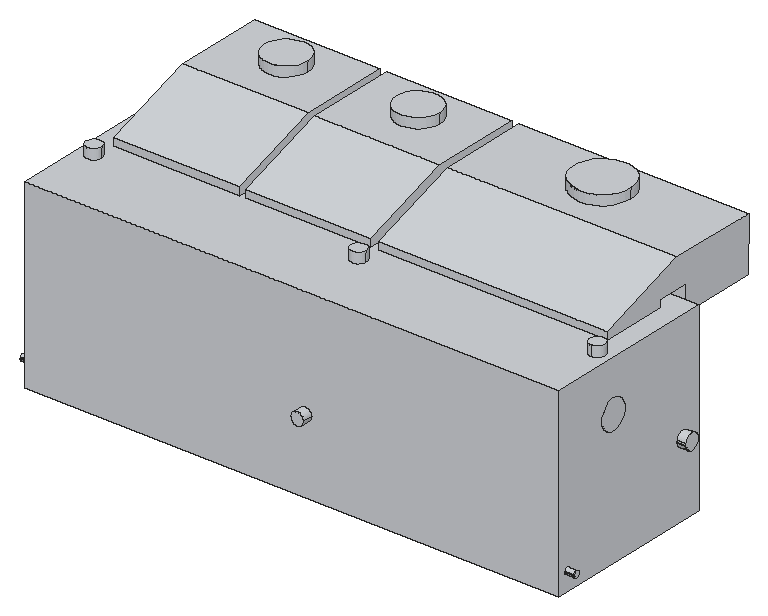
Revit family "M_Caldeira a gás - Ferro fundido - 347 kW", category Equipamento mecânico, Revit 2019
Family settings
  Cota do conector redondo = Usar raio
  Tipo de parte = Normal
  Número OmniClass = 23.75.10.11.14.11
  Título OmniClass = Cast-Iron Boilers
  ID de item do Seek = Gas Fired Boiler - Cast Iron - 347 kW-0000-CAN-ENU
  Com base no plano de trabalho = Não
  Sempre na vertical = Sim
  Corte com vazios quando carregada = Não
  Compartilhado = Não
  Ponto de cálculo do ambiente = Não
Parameters (values of type "347 kW")
  Fluxo da água [instance] = 0.58 L/s
  Raio da ventilação 3 = 150 mm
  Raio da ventilação 2 = 112.5 mm
  Raio da ventilação 1 = 112.5 mm
  Comprimento da ventilação 3 = 710 mm
  Comprimento da ventilação 2 = 965 mm
  Comprimento da ventilação 1 = 690 mm
  Diâmetro da ventilação 3 = Raio da ventilação 3 * 2  # 300 mm
  Diâmetro da ventilação 1 = Raio da ventilação 1 * 2  # 225 mm
  Diâmetro da ventilação 2 = Raio da ventilação 2 * 2  # 225 mm
  Aumento de temperatura [instance] = 15.56 °C
  Comprimento de fornecimento 2 = 1250 mm
  Comprimento de fornecimento 1 = 1385 mm
  Queda de pressão da água [instance] = 328000.0 Pa
  Calor de saída [instance] = 347000 W
  Calor de entrada [instance] = 419000 W
  Raio do gás = 16 mm
  Fluxo de gás [instance] = 0.06 L/s
  Diâmetro do gás = Raio do gás * 2  # 32 mm
  Raio da água quente = 40 mm
  Diâmetro da água quente = Raio da água quente * 2  # 80 mm
  Fluxo do ar de exaustão [instance] = 0.0 L/s
  Raio da água gelada = 40 mm
  Diâmetro da água gelada = Raio da água gelada * 2  # 80 mm
  Comprimento do exaustor 3 = 1200 mm
  Comprimento do exaustor 2 = 655 mm
  Comprimento do exaustor 1 = 655 mm
  Material do boiler = none
  Comprimento da caldeira = 2795 mm
  BHP [instance] = 34.97
  Raio da água quente 1 = 40 mm
  Diâmetro da água quente 1 = Raio da água quente 1 * 2  # 80 mm
  Raio da água gelada 1 = 32.5 mm
  Diâmetro da água gelada 1 = Raio da água gelada 1 * 2  # 65 mm
Reference planes
  plane 1 "Centro (Frente/Trás)": y = 0
  plane 2: z = 0
  plane 3 "Centro (Esquerda/Direita)": x = 0
  plane 4: x = 2795
  plane 5: y = 914.4
  plane 6: z = 965.2
  plane 7: z = 101.6
  plane 8: y = 50.8
  plane 9: x = -50.8
  plane 10: y = 808.037
  plane 11: z = 390.525
  plane 12: x = 82.55
  plane 13: y = 349.25
  plane 14: z = 1016
  plane 15: x = 1467.55
  plane 16: x = 2085
  plane 17: z = 698.5
  plane 18: y = 355.6
  plane 19: y = 1376.362
  plane 20: z = 868.362
  plane 21: z = 1154.113
  plane 22: y = 965.2
  plane 23: y = 798.512
  plane 24: y = 457.2
  plane 25: z = 1003.3
  plane 26: y = 908.05
  plane 27: y = 1173.162
  plane 28: z = 1204.912
  plane 29: x = 2845.8
  plane 30: x = 2717.55
  plane 31: y = -50.8
  plane 32: x = 1485
  plane 33: x = 2685
  plane 34: x = 792.5
  plane 35: x = 1120
  plane 36: x = 1447.5
  plane 37: x = 102.5
  plane 38: x = 430
  plane 39: x = 757.5
Forms (mm)
  Extrusion 1, solid, material <- "Material do boiler"
    sketch origin (0, 0, 0) x (1, 0, 0) y (0, 1, 0)
      loop
        line (0, 914.4) -> (0, 0) -> (2795, 0) -> (2795, 914.4) -> (0, 914.4)
    from 0 to 965.2
  Extrusion 2, solid, material <- "Material do boiler"
    sketch origin (0, 0, 0) x (0, 1, 0) y (0, 0, 1)
      loop
        circle (50.8, 101.6) r 16
    from 0 to -50.8
  Extrusion 3, solid, material <- "Material do boiler"
    sketch origin (0, 0, 0) x (0, 1, 0) y (0, 0, 1)
      loop
        circle (808.037, 390.525) r 40
    from 0 to -50.8
  Extrusion 4, solid, material <- "Material do boiler"
    sketch origin (0, 0, 0) x (1, 0, 0) y (0, 1, 0)
      loop
        circle (82.55, 349.25) r 40
    from 965.2 to 1016
  Extrusion 5, solid, material <- "Material do boiler"
    sketch origin (0, 0, 0) x (1, 0, 0) y (0, 1, 0)
      loop
        circle (1467.55, 349.25) r 40
    from 965.2 to 1016
  Extrusion 6, solid, material <- "Material do boiler"
    sketch origin (0, 0, 0) x (0, 1, 0) y (0, 0, 1)
      loop
        circle (355.6, 698.5) r 76.2
    from 0 to 2085
  Extrusion 7, solid, material <- "Material do boiler", detail levels fine
    sketch origin (0, 0, 0) x (0, 1, 0) y (0, 0, 1)
      loop
        line (457.2, 965.2) -> (798.512, 965.2) -> (798.512, 1003.3) -> (965.2, 1003.3) -> (965.2, 868.363) -> (1376.362, 868.363) -> (1376.362, 1154.113) -> (908.05, 1154.113) -> (457.2, 1003.3) -> (457.2, 965.2)
    from 1485 to 2685
  Extrusion 8, solid, material <- "Material do boiler"
    sketch origin (0, 0, 0) x (1, 0, 0) y (0, 1, 0)
      loop
        circle (2085, 1173.162) r 150
    from 1154.113 to 1204.913
  Extrusion 9, solid, material <- "Material do boiler"
    sketch origin (863.6, 0, 0) x (0, 1, 0) y (0, 0, -1)
      loop
        circle (808.037, -390.525) r 40
    from -1931.4 to -1982.2
  Extrusion 10, solid, material <- "Material do boiler"
    sketch origin (1136.65, 0, 0) x (0, 1, 0) y (0, 0, -1)
      loop
        circle (355.6, -698.5) r 76.2
    from -1658.35 to -948.35
  Extrusion 11, solid, material <- "Material do boiler"
    sketch origin (0, 0, 0) x (1, 0, 0) y (0, 0, 1)
      loop
        circle (1467.55, 390.525) r 32.5
    from 0 to 50.8
  Extrusion 12, solid, material <- "Material do boiler"
    sketch origin (0, 1465.263, 101.6) x (0, 1, 0) y (-1, 0, 0)
      loop
        circle (-1116.013, -2717.55) r 40
    from 863.6 to 914.4
  Extrusion 13, solid, material <- "Material do boiler"
    sketch origin (2143.72, 0, 0) x (0, 1, 0) y (0, 0, -1)
      loop
        circle (50.8, -101.6) r 16
    from -651.28 to -702.08
  Extrusion 14, solid, material <- "Material do boiler", detail levels fine
    sketch origin (2933.7, 0, 0) x (0, 1, 0) y (0, 0, -1)
      loop
        line (457.2, -965.2) -> (457.2, -1003.3) -> (908.05, -1154.113) -> (1376.362, -1154.113) -> (1376.362, -868.363) -> (965.2, -868.363) -> (965.2, -1003.3) -> (798.512, -1003.3) -> (798.512, -965.2) -> (457.2, -965.2)
    from 1486.2 to 2141.2
  Extrusion 15, solid, material <- "Material do boiler"
    sketch origin (2933.7, 0, 0) x (-1, 0, 0) y (0, -1, 0)
      loop
        circle (1813.7, -1173.162) r 112.5
    from 1154.113 to 1204.913
  Extrusion 16, solid, material <- "Material do boiler", detail levels fine
    sketch origin (-1421.11, 0, 0) x (0, 1, 0) y (0, 0, 1)
      loop
        line (457.2, 965.2) -> (798.512, 965.2) -> (798.512, 1003.3) -> (965.2, 1003.3) -> (965.2, 868.363) -> (1376.362, 868.363) -> (1376.362, 1154.113) -> (908.05, 1154.113) -> (457.2, 1003.3) -> (457.2, 965.2)
    from 1523.61 to 2178.61
  Extrusion 17, solid, material <- "Material do boiler"
    sketch origin (-1421.11, 0, 0) x (1, 0, 0) y (0, 1, 0)
      loop
        circle (1851.11, 1173.162) r 112.5
    from 1154.113 to 1204.913
  Extrusion 18, solid, material <- "Material do boiler", detail levels coarse+medium
    sketch origin (0, 1465.263, 101.6) x (0, 1, 0) y (-1, 0, 0)
      loop
        line (-88.901, -102.5) -> (-550.863, -102.5) -> (-550.863, -2685) -> (-88.901, -2685) -> (-88.901, -102.5)
    from 766.763 to 1052.512
  Extrusion 19, solid, material <- "Material do boiler", detail levels coarse+medium
    sketch origin (0, 1465.263, 101.6) x (0, 1, 0) y (-1, 0, 0)
      loop
        line (-550.863, -102.5) -> (-1008.063, -102.5) -> (-1008.063, -2685) -> (-550.863, -2685) -> (-550.863, -102.5)
    from 863.6 to 1052.512
  Extrusion 20, solid, material <- "Material do boiler", detail levels fine
    sketch origin (0, 0, 0) x (1, 0, 0) y (0, 0, 1)
      loop
        circle (1467.55, 390.525) r 32.5
    from 0 to 50.8
  Extrusion 21, solid, material <- "Material do boiler", detail levels fine
    sketch origin (2717.55, 0, 0) x (0, 1, 0) y (0, 0, 1)
      loop
        circle (50.8, 101.6) r 16
    from -2768.35 to -2717.55
  Extrusion 22, solid, material <- "Material do boiler", detail levels fine
    sketch origin (2717.55, 0, 0) x (0, 1, 0) y (0, 0, 1)
      loop
        circle (808.037, 390.525) r 40
    from -2768.35 to -2717.55
  Extrusion 23, solid, material <- "Material do boiler", detail levels fine
    sketch origin (0, 0, 0) x (0, 1, 0) y (0, 0, 1)
      loop
        circle (808.037, 390.525) r 40
      loop
        circle (50.8, 101.6) r 16
    from 2795 to 2845.8
Cuts and joins
  joined: Extrusion 7, Extrusion 14, Extrusion 16
  joined: Extrusion 1, Extrusion 4, Extrusion 5, Extrusion 8, Extrusion 12, Extrusion 15, Extrusion 17
  joined: Extrusion 2, Extrusion 3, Extrusion 9, Extrusion 11, Extrusion 13
  joined: Extrusion 18, Extrusion 19
Lines and regions (mm)
  model lines, detail levels coarse+medium
    curve 1: line (0, 50.8, 101.6) -> (-50.8, 50.8, 101.6)
    curve 2: line (0, 808.037, 390.525) -> (-50.8, 808.037, 390.525)
    curve 3: line (2845.8, 808.037, 390.525) -> (2795, 808.037, 390.525)
    curve 5: line (2795, 50.8, 101.6) -> (2845.8, 50.8, 101.6)
    curve 6: line (1467.55, 0, 391.437) -> (1467.55, -50.8, 391.437)
  model lines, detail levels coarse
    curve 4: line (2085, 1173.162, 1154.112) -> (2085, 1173.162, 1204.912)
    curve 7: line (1120, 1173.162, 1154.112) -> (1120, 1173.162, 1204.912)
    curve 8: line (430, 1173.162, 1154.112) -> (430, 1173.162, 1204.912)
  symbolic lines, detail levels fine
    curve 9: line (0, 846.137, 101.6) -> (-50.8, 846.137, 101.6)
    curve 10: line (-50.8, 769.937, 101.6) -> (0, 769.937, 101.6)
    curve 11: line (-50.8, 846.137, 101.6) -> (-50.8, 769.937, 101.6)
    curve 12: line (0, 66.675, 101.6) -> (-50.8, 66.675, 101.6)
    curve 13: line (0, 34.925, 101.6) -> (-50.8, 34.925, 101.6)
    curve 14: line (-50.8, 66.675, 101.6) -> (-50.8, 34.925, 101.6)
    curve 15: line (1434.155, 0, 101.6) -> (1434.155, -50.8, 101.6)
    curve 16: line (1500.875, 0, 101.6) -> (1500.875, -50.8, 101.6)
    curve 17: line (1434.155, -50.8, 101.6) -> (1500.875, -50.8, 101.6)
    curve 18: line (2795, 66.675, 101.6) -> (2845.8, 66.675, 101.6)
    curve 19: line (2845.8, 34.925, 101.6) -> (2795, 34.925, 101.6)
    curve 20: line (2845.8, 66.675, 101.6) -> (2845.8, 34.925, 101.6)
    curve 21: line (2795, 846.137, 101.6) -> (2845.8, 846.137, 101.6)
    curve 22: line (2795, 769.937, 101.6) -> (2845.8, 769.937, 101.6)
    curve 23: line (2845.8, 846.137, 101.6) -> (2845.8, 769.937, 101.6)
Dimensions and locks
  locked: plane 6 to plane 2 at 965.2
  locked: plane 5 to plane 1 "Centro (Frente/Trás)" at 914.4
  "Comprimento da caldeira": plane 4 to plane 3 "Centro (Esquerda/Direita)"
  locked: plane 7 to plane 2 at 101.6
  locked: plane 8 to plane 1 "Centro (Frente/Trás)" at 50.8
  locked: plane 3 "Centro (Esquerda/Direita)" to plane 9 at 50.8
  locked: plane 5 to plane 10 at 106.363
  locked: plane 11 to plane 2 at 390.525
  locked: plane 12 to plane 3 "Centro (Esquerda/Direita)" at 82.55
  locked: plane 13 to plane 1 "Centro (Frente/Trás)" at 349.25
  locked: plane 14 to plane 6 at 50.8
  "Comprimento de fornecimento 1": plane 15 to plane 12
  "Comprimento da ventilação 3": plane 4 to plane 16
  locked: plane 17 to plane 2 at 698.5
  locked: plane 18 to plane 1 "Centro (Frente/Trás)" at 355.6
  locked: plane 19 to plane 1 "Centro (Frente/Trás)" at 1376.363
  locked: plane 20 to plane 2 at 868.362
  locked: plane 21 to plane 20 at 285.75
  locked: plane 19 to plane 22 at 411.162
  locked: plane 22 to plane 23 at 166.688
  locked: plane 23 to plane 24 at 341.312
  locked: plane 25 to plane 6 at 38.1
  locked: plane 26 to plane 24 at 450.85
  locked: plane 27 to plane 1 "Centro (Frente/Trás)" at 1173.162
  locked: plane 28 to plane 21 at 50.8
  locked: plane 29 to plane 4 at 50.8
  "Comprimento de fornecimento 2": plane 30 to plane 15
  locked: plane 1 "Centro (Frente/Trás)" to plane 31 at 50.8
  "Comprimento do exaustor 3": plane 33 to plane 32
  equal spacing: plane 33, plane 16, plane 32
  "Comprimento do exaustor 2": plane 36 to plane 34
  equal spacing: plane 36, plane 35, plane 34
  "Comprimento da ventilação 2": plane 16 to plane 35
  "Comprimento do exaustor 1": plane 39 to plane 37
  equal spacing: plane 39, plane 38, plane 37
  "Comprimento da ventilação 1": plane 35 to plane 38
  "Raio do gás": radius of Extrusion 2 sketch curve
  "Raio da água gelada": radius of Extrusion 3 sketch curve
  "Raio da água quente": radius of Extrusion 4 sketch curve
  "Raio da água quente 1": radius of Extrusion 5 sketch curve
  radius of Extrusion 6 sketch curve = 76.2 mm
  "Raio da ventilação 3": radius of Extrusion 8 sketch curve
  "Raio da água gelada": radius of Extrusion 9 sketch curve
  radius of Extrusion 10 sketch curve = 76.2 mm
  "Raio da água gelada 1": radius of Extrusion 11 sketch curve
  "Raio da água quente": radius of Extrusion 12 sketch curve
  "Raio do gás": radius of Extrusion 13 sketch curve
  "Raio da ventilação 2": radius of Extrusion 15 sketch curve
  "Raio da ventilação 1": radius of Extrusion 17 sketch curve
  "Raio da água gelada 1": radius of Extrusion 20 sketch curve
  "Raio do gás": radius of Extrusion 21 sketch curve
  "Raio da água gelada": radius of Extrusion 22 sketch curve
  "Raio do gás": radius of Extrusion 23 sketch curve
  "Raio da água gelada": radius of Extrusion 23 sketch curve
  aligned and locked: Extrusion 1 to plane 5
  aligned and locked: plane 1 "Centro (Frente/Trás)" to Extrusion 1
  aligned and locked: Extrusion 1 to plane 3 "Centro (Esquerda/Direita)"
  aligned and locked: plane 4 to Extrusion 1
  aligned and locked: plane 6 to Extrusion 1
  aligned and locked: Extrusion 1 to plane 2
  aligned and locked: plane 8 to Extrusion 2 sketch curve
  aligned and locked: plane 7 to Extrusion 2 sketch curve
  aligned and locked: Extrusion 2 to plane 9
  aligned and locked: plane 3 "Centro (Esquerda/Direita)" to Extrusion 2
  aligned and locked: plane 10 to Extrusion 3 sketch curve
  aligned and locked: plane 11 to Extrusion 3 sketch curve
  aligned and locked: Extrusion 3 to plane 9
  aligned and locked: plane 3 "Centro (Esquerda/Direita)" to Extrusion 3
  aligned and locked: plane 13 to Extrusion 4 sketch curve
  aligned and locked: plane 12 to Extrusion 4 sketch curve
  aligned and locked: plane 14 to Extrusion 4
  aligned and locked: Extrusion 4 to plane 6
  aligned and locked: plane 15 to Extrusion 5 sketch curve
  aligned and locked: plane 13 to Extrusion 5 sketch curve
  aligned and locked: plane 14 to Extrusion 5
  aligned and locked: Extrusion 5 to plane 6
  aligned and locked: plane 18 to Extrusion 6 sketch curve
  aligned and locked: plane 17 to Extrusion 6 sketch curve
  aligned and locked: Extrusion 6 to plane 3 "Centro (Esquerda/Direita)"
  aligned and locked: plane 16 to Extrusion 6
  aligned and locked: plane 21 to Extrusion 7
  aligned and locked: Extrusion 7 to plane 19
  aligned and locked: Extrusion 7 to plane 20
  aligned and locked: plane 22 to Extrusion 7
  aligned and locked: Extrusion 7 to plane 25
  aligned and locked: Extrusion 7 to plane 23
  aligned and locked: Extrusion 7 to plane 6
  aligned and locked: plane 24 to Extrusion 7
  aligned and locked: plane 16 to Extrusion 8 sketch curve
  aligned and locked: plane 27 to Extrusion 8 sketch curve
  aligned and locked: plane 21 to Extrusion 8
  aligned and locked: plane 28 to Extrusion 8
  aligned and locked: plane 29 to Extrusion 9
  aligned and locked: Extrusion 9 to plane 4
  aligned and locked: plane 10 to Extrusion 9 sketch curve
  aligned and locked: plane 11 to Extrusion 9 sketch curve
  aligned and locked: Extrusion 10 to plane 16
  aligned and locked: plane 4 to Extrusion 10
  aligned and locked: plane 18 to Extrusion 10 sketch curve
  aligned and locked: plane 17 to Extrusion 10 sketch curve
  aligned and locked: plane 3 "Centro (Esquerda/Direita)" to curve 1
  aligned and locked: plane 9 to curve 1
  aligned and locked: plane 7 to curve 1
  aligned and locked: plane 3 "Centro (Esquerda/Direita)" to curve 2
  aligned and locked: plane 9 to curve 2
  aligned and locked: curve 2 to plane 10
  aligned and locked: plane 4 to curve 3
  aligned and locked: plane 29 to curve 3
  aligned and locked: curve 3 to plane 10
  aligned and locked: plane 28 to curve 4
  aligned and locked: plane 16 to curve 4
  aligned and locked: plane 15 to Extrusion 11 sketch curve
  aligned and locked: plane 11 to Extrusion 11 sketch curve
  aligned and locked: plane 31 to Extrusion 11
  aligned and locked: plane 30 to Extrusion 12 sketch curve
  aligned and locked: plane 13 to Extrusion 12 sketch curve
  aligned and locked: Extrusion 12 to plane 14
  aligned and locked: plane 6 to Extrusion 12
  aligned and locked: Extrusion 13 to plane 4
  aligned and locked: plane 29 to Extrusion 13
  aligned and locked: plane 7 to Extrusion 13 sketch curve
  aligned and locked: plane 8 to Extrusion 13 sketch curve
  aligned and locked: curve 6 to plane 15
  aligned and locked: plane 1 "Centro (Frente/Trás)" to curve 6
  aligned and locked: plane 31 to curve 6
  aligned and locked: plane 4 to curve 5
  aligned and locked: plane 29 to curve 5
  aligned and locked: plane 8 to curve 5
  aligned and locked: plane 33 to Extrusion 7
  aligned and locked: Extrusion 7 to plane 32
  aligned and locked: plane 36 to Extrusion 14
  aligned and locked: Extrusion 14 to plane 34
  aligned and locked: plane 35 to curve 7
  aligned and locked: plane 35 to Extrusion 15 sketch curve
  aligned and locked: plane 27 to Extrusion 15 sketch curve
  aligned and locked: plane 39 to Extrusion 16
  aligned and locked: Extrusion 16 to plane 37
  aligned and locked: plane 38 to curve 8
  aligned and locked: plane 38 to Extrusion 17 sketch curve
  aligned and locked: plane 27 to Extrusion 17 sketch curve
  aligned and locked: cut or joined group of Extrusion 2, Extrusion 3, Extrusion 9, Extrusion 11, Extrusion 13 to curve 9
  aligned and locked: curve 9 to cut or joined group of Extrusion 2, Extrusion 3, Extrusion 9, Extrusion 11, Extrusion 13
  aligned and locked: curve 10 to cut or joined group of Extrusion 2, Extrusion 3, Extrusion 9, Extrusion 11, Extrusion 13
  aligned and locked: cut or joined group of Extrusion 2, Extrusion 3, Extrusion 9, Extrusion 11, Extrusion 13 to curve 10
  aligned and locked: cut or joined group of Extrusion 2, Extrusion 3, Extrusion 9, Extrusion 11, Extrusion 13 to curve 12
  aligned and locked: curve 12 to cut or joined group of Extrusion 2, Extrusion 3, Extrusion 9, Extrusion 11, Extrusion 13
  aligned and locked: cut or joined group of Extrusion 2, Extrusion 3, Extrusion 9, Extrusion 11, Extrusion 13 to curve 13
  aligned and locked: curve 13 to cut or joined group of Extrusion 2, Extrusion 3, Extrusion 9, Extrusion 11, Extrusion 13
  aligned and locked: curve 15 to cut or joined group of Extrusion 2, Extrusion 3, Extrusion 9, Extrusion 11, Extrusion 13  (x2)
  aligned and locked: cut or joined group of Extrusion 2, Extrusion 3, Extrusion 9, Extrusion 11, Extrusion 13 to curve 16  (x2)
  aligned and locked: curve 18 to cut or joined group of Extrusion 2, Extrusion 3, Extrusion 9, Extrusion 11, Extrusion 13
  aligned and locked: cut or joined group of Extrusion 2, Extrusion 3, Extrusion 9, Extrusion 11, Extrusion 13 to curve 18
  aligned and locked: cut or joined group of Extrusion 2, Extrusion 3, Extrusion 9, Extrusion 11, Extrusion 13 to curve 19
  aligned and locked: curve 19 to cut or joined group of Extrusion 2, Extrusion 3, Extrusion 9, Extrusion 11, Extrusion 13
  aligned and locked: curve 21 to cut or joined group of Extrusion 2, Extrusion 3, Extrusion 9, Extrusion 11, Extrusion 13
  aligned and locked: cut or joined group of Extrusion 2, Extrusion 3, Extrusion 9, Extrusion 11, Extrusion 13 to curve 21
  aligned and locked: curve 22 to cut or joined group of Extrusion 2, Extrusion 3, Extrusion 9, Extrusion 11, Extrusion 13
  aligned and locked: cut or joined group of Extrusion 2, Extrusion 3, Extrusion 9, Extrusion 11, Extrusion 13 to curve 22
  aligned and locked: Extrusion 18 sketch curve to cut or joined group of Extrusion 7, Extrusion 14, Extrusion 16  (x2)
  aligned and locked: Extrusion 18 sketch curve to plane 33
  aligned and locked: Extrusion 18 sketch curve to plane 5
  aligned and locked: Extrusion 18 to curve 4
  aligned and locked: Extrusion 18 to cut or joined group of Extrusion 7, Extrusion 14, Extrusion 16
  aligned and locked: Extrusion 18 to Extrusion 19 sketch curve
  aligned and locked: Extrusion 19 sketch curve to Extrusion 18
  aligned and locked: Extrusion 19 sketch curve to cut or joined group of Extrusion 7, Extrusion 14, Extrusion 16  (x2)
  aligned and locked: Extrusion 19 to curve 4
  aligned and locked: Extrusion 19 to plane 6
  aligned and locked: plane 15 to Extrusion 20 sketch curve
  aligned and locked: plane 11 to Extrusion 20 sketch curve
  aligned and locked: Extrusion 20 to plane 1 "Centro (Frente/Trás)"
  aligned and locked: plane 31 to Extrusion 20
  aligned and locked: plane 8 to Extrusion 21 sketch curve
  aligned and locked: plane 7 to Extrusion 21 sketch curve
  aligned and locked: plane 10 to Extrusion 22 sketch curve
  aligned and locked: plane 11 to Extrusion 22 sketch curve
  aligned and locked: Extrusion 22 to plane 9
  aligned and locked: Extrusion 21 to plane 9
  aligned and locked: plane 3 "Centro (Esquerda/Direita)" to Extrusion 21
  aligned and locked: plane 3 "Centro (Esquerda/Direita)" to Extrusion 22
  aligned and locked: plane 10 to Extrusion 23 sketch curve
  aligned and locked: plane 11 to Extrusion 23 sketch curve
  aligned and locked: plane 8 to Extrusion 23 sketch curve
  aligned and locked: plane 7 to Extrusion 23 sketch curve
  aligned and locked: plane 29 to Extrusion 23
  aligned and locked: Extrusion 23 to plane 4
Automatic sketch dimensions
  Extrusion 1 sketch curve to plane 1 "Centro (Frente/Trás)" = 0 mm
  Extrusion 1 sketch curve to plane 3 "Centro (Esquerda/Direita)" = 0 mm
  Extrusion 1 sketch curve to plane 4 = 0 mm
  Extrusion 1 sketch curve to plane 5 = 0 mm
  Extrusion 7 sketch curve to plane 6 = 0 mm
  Extrusion 7 sketch curve to plane 24 = 0 mm
  Extrusion 7 sketch curve to plane 23 = 0 mm
  Extrusion 7 sketch curve to plane 21 = 0 mm
  Extrusion 7 sketch curve to plane 26 = 0 mm
  Extrusion 7 sketch curve to plane 20 = 0 mm
  Extrusion 7 sketch curve to plane 22 = 0 mm
  Extrusion 7 sketch curve to plane 19 = 0 mm
  Extrusion 7 sketch curve to plane 25 = 0 mm  (x2)
  curve 5 to plane 4 = 0 mm
  curve 5 to plane 7 = 0 mm
  curve 5 to plane 29 = 0 mm
  curve 2 to plane 3 "Centro (Esquerda/Direita)" = 0 mm
  curve 2 to plane 9 = 0 mm
  curve 8 to plane 21 = 0 mm
  curve 8 to plane 28 = 0 mm
  curve 7 to plane 21 = 0 mm
  curve 4 to plane 21 = 0 mm
  curve 7 to plane 28 = 0 mm
  curve 6 to plane 31 = 0 mm
  curve 6 to plane 1 "Centro (Frente/Trás)" = 0 mm
  plane 11 to curve 6 = 0.912 mm
  Extrusion 14 sketch curve to plane 6 = 0 mm
  Extrusion 14 sketch curve to plane 24 = 0 mm
  Extrusion 14 sketch curve to plane 23 = 0 mm
  Extrusion 14 sketch curve to plane 21 = 0 mm
  Extrusion 14 sketch curve to plane 26 = 0 mm
  Extrusion 14 sketch curve to plane 20 = 0 mm
  Extrusion 14 sketch curve to plane 22 = 0 mm
  Extrusion 14 sketch curve to plane 19 = 0 mm
  Extrusion 14 sketch curve to plane 25 = 0 mm  (x2)
  Extrusion 16 sketch curve to plane 6 = 0 mm
  Extrusion 16 sketch curve to plane 24 = 0 mm
  Extrusion 16 sketch curve to plane 23 = 0 mm
  Extrusion 16 sketch curve to plane 21 = 0 mm
  Extrusion 16 sketch curve to plane 26 = 0 mm
  Extrusion 16 sketch curve to plane 20 = 0 mm
  Extrusion 16 sketch curve to plane 22 = 0 mm
  Extrusion 16 sketch curve to plane 19 = 0 mm
  Extrusion 16 sketch curve to plane 25 = 0 mm  (x2)
  plane 8 to curve 20 = 15.875 mm
  plane 8 to curve 13 = 15.875 mm
  curve 12 to plane 8 = 15.875 mm
  curve 20 to plane 8 = 15.875 mm
  plane 23 to curve 10 = 28.575 mm
  plane 23 to curve 22 = 28.575 mm
  curve 21 to plane 10 = 38.1 mm
  curve 11 to plane 10 = 38.1 mm
  plane 32 to curve 17 = 15.875 mm
  curve 17 to plane 36 = 13.345 mm
Connectors
  piping at (82.55, 349.25, 1016), diameter 80, driven by "Fluxo da água", driven by "Queda de pressão da água", driven by "Raio da água quente"
    settings: on Extrusion 4, index 1, connector inside diameter 80 mm, connector length 0 mm, flow factor 0, pipe flow 0.58 L/s, pressure drop 328000.0 Pa, fitting loss kfactor 0, connector angle 0.00°, fixture units 0, engagement length 0 mm, angle of deflection 0.00°, flow configuration 0, flow direction 2, fitting loss method 4, system type 7, joint type 0, gender type 0, connector reference index -1, connector utility 0, adjustable connector no, is connector primary yes, connector description "Saída de água quente"
  piping at (1467.55, 349.25, 1016), diameter 80, driven by "Fluxo da água", driven by "Queda de pressão da água", driven by "Raio da água quente 1"
    settings: on Extrusion 5, index 2, connector inside diameter 80 mm, connector length 0 mm, flow factor 0, pipe flow 0.58 L/s, pressure drop 328000.0 Pa, fitting loss kfactor 0, connector angle 0.00°, fixture units 0, engagement length 0 mm, angle of deflection 0.00°, flow configuration 0, flow direction 2, fitting loss method 4, system type 7, joint type 0, gender type 0, connector reference index -1, connector utility 0, adjustable connector no, is connector primary no, connector description "Saída de água quente"
  piping at (2717.55, 349.25, 1016), diameter 80, driven by "Fluxo da água", driven by "Queda de pressão da água", driven by "Raio da água quente"
    settings: on Extrusion 12, index 3, connector inside diameter 80 mm, connector length 0 mm, flow factor 0, pipe flow 0.58 L/s, pressure drop 328000.0 Pa, fitting loss kfactor 0, connector angle 0.00°, fixture units 0, engagement length 0 mm, angle of deflection 0.00°, flow configuration 0, flow direction 2, fitting loss method 4, system type 7, joint type 0, gender type 0, connector reference index -1, connector utility 0, adjustable connector no, is connector primary no, connector description "Saída de água quente"
  piping at (-50.8, 808.037, 390.525), diameter 80, driven by "Fluxo da água", driven by "Raio da água gelada"
    settings: on Extrusion 3, index 4, connector inside diameter 80 mm, connector length 0 mm, flow factor 0, pipe flow 0.58 L/s, pressure drop 0.0 Pa, fitting loss kfactor 0, connector angle 0.00°, fixture units 0, engagement length 0 mm, angle of deflection 0.00°, flow configuration 0, flow direction 1, fitting loss method 0, system type 8, joint type 0, gender type 0, connector reference index -1, connector utility 0, adjustable connector no, is connector primary no, connector description "Entrada de água gelada"
  piping at (2845.8, 808.037, 390.525), diameter 80, driven by "Raio da água gelada", driven by "Fluxo da água"
    settings: on Extrusion 9, index 5, connector inside diameter 80 mm, connector length 0 mm, flow factor 0, pipe flow 0.58 L/s, pressure drop 0.0 Pa, fitting loss kfactor 0, connector angle 0.00°, fixture units 0, engagement length 0 mm, angle of deflection 0.00°, flow configuration 0, flow direction 1, fitting loss method 0, system type 8, joint type 0, gender type 0, connector reference index -1, connector utility 0, adjustable connector no, is connector primary no, connector description "Entrada de água gelada"
  piping at (1467.55, -50.8, 390.525), diameter 65, driven by "Fluxo da água", driven by "Raio da água gelada 1"
    settings: on Extrusion 11, index 6, connector inside diameter 65 mm, connector length 0 mm, flow factor 0, pipe flow 0.58 L/s, pressure drop 0.0 Pa, fitting loss kfactor 0, connector angle 0.00°, fixture units 0, engagement length 0 mm, angle of deflection 0.00°, flow configuration 0, flow direction 1, fitting loss method 0, system type 8, joint type 0, gender type 0, connector reference index -1, connector utility 0, adjustable connector no, is connector primary no, connector description "Entrada de água gelada"
  piping at (-50.8, 50.8, 101.6), diameter 32, driven by "Raio do gás", driven by "Fluxo de gás"
    settings: on Extrusion 2, index 7, connector inside diameter 32 mm, connector length 0 mm, flow factor 0, pipe flow 0.06 L/s, pressure drop 0.0 Pa, fitting loss kfactor 0, connector angle 0.00°, fixture units 0, engagement length 0 mm, angle of deflection 0.00°, flow configuration 1, flow direction 1, fitting loss method 4, system type 22, joint type 0, gender type 0, connector reference index -1, connector utility 0, adjustable connector no, is connector primary no, connector description "Entrada de gás"
  piping at (2845.8, 50.8, 101.6), diameter 32, driven by "Raio do gás", driven by "Fluxo de gás"
    settings: on Extrusion 13, index 8, connector inside diameter 32 mm, connector length 0 mm, flow factor 0, pipe flow 0.06 L/s, pressure drop 0.0 Pa, fitting loss kfactor 0, connector angle 0.00°, fixture units 0, engagement length 0 mm, angle of deflection 0.00°, flow configuration 1, flow direction 1, fitting loss method 4, system type 22, joint type 0, gender type 0, connector reference index -1, connector utility 0, adjustable connector no, is connector primary no, connector description "Entrada de gás"
  hvac at (430, 1173.162, 1204.913), driven by "Raio da ventilação 1", driven by "Fluxo do ar de exaustão"
    settings: on Extrusion 17, index 9, duct flow 0.0 L/s, flow factor 0, pres drop 0.0 Pa, loss coef 0, conn angle 0.00°, conn width 304.8 mm, conn height 304.8 mm, conn diameter 225 mm, duct sys type 3, conn prof type 0, flow config 1, flow direction 2, loss method 0, conn ref index -1, conn util no, is conn primary yes, conn desc ""
  hvac at (1120, 1173.162, 1204.913), driven by "Raio da ventilação 2", driven by "Fluxo do ar de exaustão"
    settings: on Extrusion 15, index 10, duct flow 0.0 L/s, flow factor 0, pres drop 0.0 Pa, loss coef 0, conn angle 0.00°, conn width 304.8 mm, conn height 304.8 mm, conn diameter 225 mm, duct sys type 3, conn prof type 0, flow config 1, flow direction 2, loss method 0, conn ref index -1, conn util no, is conn primary no, conn desc ""
  hvac at (2085, 1173.162, 1204.913), driven by "Fluxo do ar de exaustão", driven by "Raio da ventilação 3"
    settings: on Extrusion 8, index 11, duct flow 0.0 L/s, flow factor 0, pres drop 0.0 Pa, loss coef 0, conn angle 0.00°, conn width 304.8 mm, conn height 304.8 mm, conn diameter 300 mm, duct sys type 3, conn prof type 0, flow config 1, flow direction 2, loss method 0, conn ref index -1, conn util no, is conn primary no, conn desc ""
  piping at (0, 355.6, 698.5), diameter 40
    settings: on Extrusion 6, index 12, connector inside diameter 40 mm, connector length 0 mm, flow factor 0, pipe flow 0.0 L/s, pressure drop 0.0 Pa, fitting loss kfactor 0, connector angle 0.00°, fixture units 0, engagement length 0 mm, angle of deflection 0.00°, flow configuration 1, flow direction 2, fitting loss method 0, system type 16, joint type 0, gender type 0, connector reference index -1, connector utility 0, adjustable connector yes, is connector primary no, connector description "Saída da drenagem"
  piping at (2795, 355.6, 698.5), diameter 40
    settings: on Extrusion 10, index 13, connector inside diameter 40 mm, connector length 0 mm, flow factor 0, pipe flow 0.0 L/s, pressure drop 0.0 Pa, fitting loss kfactor 0, connector angle 0.00°, fixture units 0, engagement length 0 mm, angle of deflection 0.00°, flow configuration 1, flow direction 1, fitting loss method 0, system type 16, joint type 0, gender type 0, connector reference index -1, connector utility 0, adjustable connector yes, is connector primary no, connector description "Saída da drenagem"
  electrical at (2795, 457.2, 482.6)
    settings: on Extrusion 1, index 14, voltage 0 V, apparent load 0 VA, apparent load phase1 0 VA, apparent load phase2 0 VA, apparent load phase3 0 VA, power factor 1, load classification "Outros", number of poles 1, system type 13, power factor state 1, is connector primary yes, connector utility no, sub classification motor no, connector description ""
